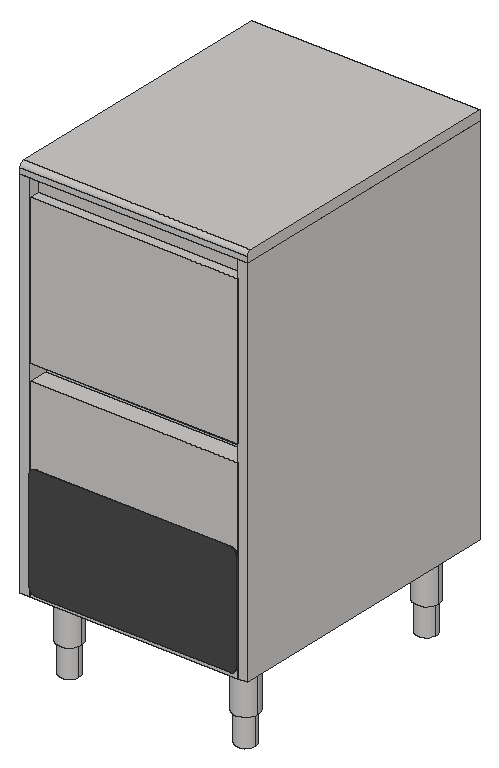
Revit family "QF_ZANUSSI_730326_ICC37I20SNP", category Attrezzature speciali, Revit 2018
Family settings
  Quota connettore circolare = Usa diametro
  Tipo di parte = Normale
  Basato su piano di lavoro = No
  Sempre verticale = Sì
  Taglio con vuoti quando caricato = No
  Condiviso = No
  Punto di calcolo locali = No
Parameters (values of type "Standard")
  Weight = 45.00 kg
  Watts = 0 W
  Volts = 220 V
  URL Manufacturer = "http://www.zanussiprofessional.com"
  URL = "http://www.zanussiprofessional.com"
  Steam Supply Size = 0 mm
  Steam Supply Minimum Pressure = 0.0 Pa
  Steam Supply Maximum Pressure = 0.0 Pa
  Steam Pounds per Hour = 0
  Show Logo [instance] = yes
  Show Clearance [instance] = yes
  Refrigeration Suction Line Size = 0 mm
  Refrigeration Liquid Line Size = 0 mm
  Refrigerant Compressor Remote = yes
  Produttore = "Zanussi"
  Phase = 1
  Modello = "ICC37I20SNP"
  Length Actual = 465 mm  # constant formula
  Item Number = "730326"
  Hot Water Size = 0 mm
  Height Actual = 894 mm  # constant formula
  HP = "0 HP"
  Gas Size = 0 mm
  Gas KW = 0
  Gas Input Pressure = 0 W
  Description = "AIR COOLED ICE CUBER 40GR 37KG/24H-BIN 20KG "
  Depth Actual = 595 mm  # constant formula
  Cycle = 50 Hz
  Condensate Return Size = 0 mm
  Compressed Air Volume = 0.0 L/s
  Compressed Air Size = 0 mm
  Compressed Air Pressure = 0.0 Pa
  Cold Water Size = 19.05 mm
  Accessory = yes
Reference planes
  plane 1 "Center X": y = 272.851
  plane 2: z = 0
  plane 3 "Center Y": x = -501.5
  plane 4 "LEFT": x = -734
  plane 5 "RIGHT": x = -269
  plane 6 "FRONT": y = -24.149
  plane 7 "BACK": y = 569.851
  plane 8: z = 155
  plane 9: z = 944
  plane 10: z = 924
  plane 11: x = -714
  plane 12: x = -289
  plane 13: y = 15.851
Forms (mm)
  Extrusion 1, solid, material "QF_Finishes_Black"
    sketch origin (-217.296, -24.149, 371.513) x (-1, 0, 0) y (0, 0, -1)
      loop
        arc (481.704, -21.487) -> (492.311, -17.093) -> (496.704, -6.487) r 15
        line (496.704, -6.487) -> (496.704, 194.469)
        arc (496.704, 194.469) -> (492.311, 205.075) -> (481.704, 209.469) r 15
        line (481.704, 209.469) -> (86.704, 209.469)
        arc (86.704, 209.469) -> (76.097, 205.075) -> (71.704, 194.469) r 15
        line (71.704, 194.469) -> (71.704, -6.487)
        arc (71.704, -6.487) -> (76.097, -17.093) -> (86.704, -21.487) r 15
        line (86.704, -21.487) -> (481.704, -21.487)
    from 0 to 2
  Extrusion 2, solid, material "QF_Finishes_Stainless Steel"
    sketch origin (-501.5, 0, 0) x (0, 1, 0) y (0, 0, 1)
      loop
        line (569.851, 924) -> (569.851, 944) -> (-14.149, 944)
        arc (-14.149, 944) -> (-21.22, 941.071) -> (-24.149, 934) r 10
        line (-24.149, 934) -> (-24.149, 924) -> (569.851, 924)
    from -232.5 to 232.5
  Extrusion 3, solid, material "QF_Finishes_Stainless Steel"
    sketch origin (-321.2, 569.851, -329.545) x (1, 0, 0) y (0, 0, -1)
      loop
        circle (-16.8, -655.545) r 10
    from 0 to 10
  Extrusion 4, solid, material "QF_Finishes_Stainless Steel"
    sketch origin (0, 0, 0) x (1, 0, 0) y (0, 1, 0)
      loop
        line (-734, 569.851) -> (-734, -24.149) -> (-714, -24.149) -> (-714, 569.851) -> (-734, 569.851)
    from 155 to 924
  Extrusion 5, solid, material "QF_Finishes_Stainless Steel"
    sketch origin (0, 0, 0) x (1, 0, 0) y (0, 1, 0)
      loop
        line (-289, 569.851) -> (-289, -24.149) -> (-269, -24.149) -> (-269, 569.851) -> (-289, 569.851)
    from 155 to 924
  Extrusion 6, solid, material "QF_Finishes_Stainless Steel"
    sketch origin (0, 0, 0) x (1, 0, 0) y (0, 1, 0)
      loop
        line (-714, 569.851) -> (-714, 15.851) -> (-289, 15.851) -> (-289, 569.851) -> (-714, 569.851)
    from 155 to 924
  Extrusion 7, solid, material "QF_Finishes_Stainless Steel"
    sketch origin (0, 0, 0) x (1, 0, 0) y (0, 1, 0)
      loop
        line (-714, -24.149) -> (-289, -24.149) -> (-289, 15.851) -> (-714, 15.851) -> (-714, -24.149)
    from 155 to 550.848
  Extrusion 8, solid, material "QF_Finishes_Stainless Steel"
    sketch origin (-501.5, 0, 0) x (0, 1, 0) y (0, 0, 1)
      loop
        line (15.851, 924) -> (-4.149, 924) -> (-4.149, 888) -> (-24.149, 888) -> (-24.149, 584.768) -> (-4.149, 584.768) -> (-4.149, 569) -> (15.851, 569) -> (15.851, 924)
    from -212.5 to 212.5
  Extrusion 9, solid, material "QF_Finishes_Stainless Steel"
    sketch origin (-303.2, 569.851, -440.545) x (1, 0, 0) y (0, 0, -1)
      loop
        circle (-16.8, -655.545) r 10
    from 0 to 10
  Extrusion 10, solid, material "QF_Finishes_Stainless Steel"
    sketch origin (-363.2, 569.851, -361.545) x (1, 0, 0) y (0, 0, -1)
      loop
        circle (-16.8, -655.545) r 10
    from 0 to 10
Lines and regions (mm)
  Split face 1
    outline origin (-501.5, -4.149, 924) x (0, 0, -1) y (1, 0, 0)
      loop
        line (5.715, 89.928) -> (30.715, 89.928) -> (30.715, 129.928) -> (5.715, 129.928) -> (5.715, 89.928)
  symbolic lines
    curve 1: line (-734, 569.851, 0) -> (-269, 569.851, 0)
    curve 2: line (-734, -24.149, 0) -> (-734, 569.851, 0)
    curve 3: line (-269, -24.149, 0) -> (-734, -24.149, 0)
    curve 4: line (-269, 569.851, 0) -> (-269, -24.149, 0)
Dimensions and locks
  equal spacing: plane 4 "LEFT", plane 3 "Center Y", plane 5 "RIGHT"
  plane 4 "LEFT" to plane 5 "RIGHT" = 465 mm
  equal spacing: plane 7 "BACK", plane 1 "Center X", plane 6 "FRONT"
  plane 7 "BACK" to plane 6 "FRONT" = 594 mm
  plane 8 to plane 2 = 155 mm
  plane 9 to plane 8 = 789 mm
  locked: plane 4 "LEFT" to plane 11 at 20
  locked: plane 12 to plane 5 "RIGHT" at 20
  locked: plane 9 to plane 10 at 20
  locked: plane 13 to plane 6 "FRONT" at 40
  aligned and locked: level to plane 2
  aligned and locked: plane 5 "RIGHT" to Extrusion 2
  aligned and locked: Extrusion 2 to plane 4 "LEFT"
  aligned and locked: Extrusion 4 sketch curve to Extrusion 2  (x2)
  aligned and locked: plane 6 "FRONT" to Extrusion 4 sketch curve
  aligned and locked: Extrusion 4 sketch curve to plane 11
  aligned and locked: Extrusion 5 sketch curve to plane 7 "BACK"
  aligned and locked: plane 12 to Extrusion 5 sketch curve
  aligned and locked: Extrusion 5 sketch curve to Extrusion 2  (x2)
  aligned and locked: plane 10 to Extrusion 4
  aligned and locked: plane 10 to Extrusion 5
  aligned and locked: Extrusion 4 to plane 8
  aligned and locked: Extrusion 5 to plane 8
  aligned and locked: Extrusion 6 sketch curve to Extrusion 4
  aligned and locked: Extrusion 4 to Extrusion 6 sketch curve
  aligned and locked: plane 13 to Extrusion 6 sketch curve
  aligned and locked: Extrusion 6 sketch curve to plane 12
  aligned and locked: plane 10 to Extrusion 6
  aligned and locked: Extrusion 6 to plane 8
  aligned and locked: Extrusion 4 to Extrusion 7 sketch curve
  aligned and locked: Extrusion 7 sketch curve to Extrusion 4
  aligned and locked: plane 13 to Extrusion 7 sketch curve
  aligned and locked: plane 12 to Extrusion 7 sketch curve
  aligned and locked: Extrusion 7 to plane 8
  aligned and locked: plane 12 to Extrusion 8
  aligned and locked: Extrusion 8 to plane 11
Automatic sketch dimensions
  curve 3 to plane 4 "LEFT" = 0 mm
  curve 3 to plane 5 "RIGHT" = 0 mm
  curve 3 to plane 6 "FRONT" = 0 mm
  curve 2 to plane 7 "BACK" = 0 mm
  Extrusion 1 sketch curve to plane 12 = 0 mm
  plane 8 to Extrusion 1 sketch curve = 7.044 mm
  Extrusion 1 sketch curve to Extrusion 1 sketch curve = 15 mm  (x3)
  plane 11 to Extrusion 1 sketch curve = 15 mm  (x2)
  Extrusion 1 sketch curve to Extrusion 1 sketch curve = 200.956 mm
  Extrusion 2 sketch curve to plane 6 "FRONT" = 0 mm
  Extrusion 2 sketch curve to plane 9 = 0 mm
  Extrusion 2 sketch curve to plane 7 "BACK" = 0 mm
  Extrusion 2 sketch curve to plane 10 = 0 mm
  plane 6 "FRONT" to Extrusion 2 sketch curve = 10 mm
  Extrusion 6 to Extrusion 3 sketch curve = 171 mm
  Extrusion 3 sketch curve to Extrusion 6 = 49 mm
  Extrusion 8 sketch curve to plane 6 "FRONT" = 0 mm
  Extrusion 8 sketch curve to plane 10 = 0 mm
  Extrusion 8 sketch curve to plane 13 = 0 mm
  plane 6 "FRONT" to Extrusion 8 sketch curve = 20 mm  (x2)
  Extrusion 8 sketch curve to plane 10 = 36 mm
  Extrusion 8 sketch curve to Extrusion 8 sketch curve = 303.232 mm
  Extrusion 8 sketch curve to Extrusion 8 sketch curve = 15.768 mm
  Split face 1 sketch curve to Extrusion 8 = 5.715 mm
  Extrusion 8 to Split face 1 sketch curve = 5.285 mm
  Split face 1 sketch curve to Extrusion 8 = 122.572 mm
  Split face 1 sketch curve to Split face 1 sketch curve = 40 mm
  Extrusion 9 sketch curve to Extrusion 6 = 31 mm
  Extrusion 6 to Extrusion 9 sketch curve = 60 mm
  Extrusion 10 sketch curve to Extrusion 6 = 91 mm
  Extrusion 6 to Extrusion 10 sketch curve = 139 mm
  radius of Extrusion 3 sketch curve = 10 mm
  radius of Extrusion 9 sketch curve = 10 mm
  radius of Extrusion 10 sketch curve = 10 mm
Nested families
  nested 1: "Foot_Complete" at (-682, 36.851, 0), type "Foot_Complete"
    with H 155 mm
  nested 2: "Foot_Complete" at (-321, 36.851, 0) x (-1, 0, 0) z (0, 0, 1), type "Foot_Complete"
    with H 155 mm
  nested 3: "Foot_Complete" at (-682, 498.851, 0), type "Foot_Complete"
    with H 155 mm
  nested 4: "Foot_Complete" at (-321, 498.851, 0) x (-1, 0, 0) z (0, 0, 1), type "Foot_Complete"
    with H 155 mm
Connectors
  electrical at (-320, 579.851, 215), driven by "Volts"
    settings: on Extrusion 9, index 1, voltage 220 V, apparent load 0 VA, apparent load phase1 0 VA, apparent load phase2 0 VA, apparent load phase3 0 VA, power factor 1, load classification "Altro", number of poles 1, system type 30, power factor state 1, is connector primary yes, connector utility no, sub classification motor no, connector description "Electrical Connection"
  piping at (-338, 579.851, 326), diameter 20
    settings: on Extrusion 3, index 2, connector inside diameter 609.6 mm, connector length 0 mm, flow factor 0, pipe flow 0.0 L/s, pressure drop 0.0 Pa, fitting loss kfactor 0, connector angle 0.00°, fixture units 0, engagement length 0 mm, angle of deflection 0.00°, flow configuration 0, flow direction 0, fitting loss method 0, system type 20, joint type 0, gender type 0, connector reference index -1, connector utility 0, adjustable connector no, is connector primary yes, connector description "Cold water"
  piping at (-380, 579.851, 294), diameter 20
    settings: on Extrusion 10, index 3, connector inside diameter 609.6 mm, connector length 0 mm, flow factor 0, pipe flow 0.0 L/s, pressure drop 0.0 Pa, fitting loss kfactor 0, connector angle 0.00°, fixture units 0, engagement length 0 mm, angle of deflection 0.00°, flow configuration 0, flow direction 0, fitting loss method 0, system type 16, joint type 0, gender type 0, connector reference index -1, connector utility 0, adjustable connector no, is connector primary no, connector description "Drain"
Definition of nested family "Foot_Complete"
  Parameters (values of type "Foot_Complete")
    R = 25 mm
    H = 153 mm
  Reference planes
    plane 1 "Centro (Fronte/Retro)": y = 0
    plane 2: z = 0
    plane 3 "Centro (Sinistra/Destra)": x = 0
    plane 4: z = 153
  Forms (mm)
    Revolve 1, solid
      sketch origin (255.05, 0, 608.09) x (0, 0, 1) y (-1, 0, 0)
        loop
          line (-608.09, 255.05) -> (-608.09, 235.05) -> (-548.09, 235.05) -> (-548.09, 230.05) -> (-455.09, 230.05) -> (-455.09, 255.05) -> (-608.09, 255.05)
        axis (-608.09, 255.05) -> (-455.09, 255.05)
      angle from 0 to 360
  Dimensions and locks
    level to Revolve 1 sketch curve = 60 mm
    "R": Revolve 1 sketch curve to plane 3 "Centro (Sinistra/Destra)"
    "H": plane 4 to level
    aligned and locked: level to plane 2
    aligned and locked: plane 4 to Revolve 1 sketch curve
    aligned and locked: Revolve 1 sketch curve to level
    aligned and locked: plane 3 "Centro (Sinistra/Destra)" to Revolve 1 sketch curve
  Automatic sketch dimensions
    Revolve 1 sketch curve to plane 3 "Centro (Sinistra/Destra)" = 0 mm
    plane 3 "Centro (Sinistra/Destra)" to Revolve 1 sketch curve = 20 mm
    Revolve 1 sketch curve to Revolve 1 sketch curve = 50 mm
    Revolve 1 sketch curve to Revolve 1 sketch curve = 20 mm
